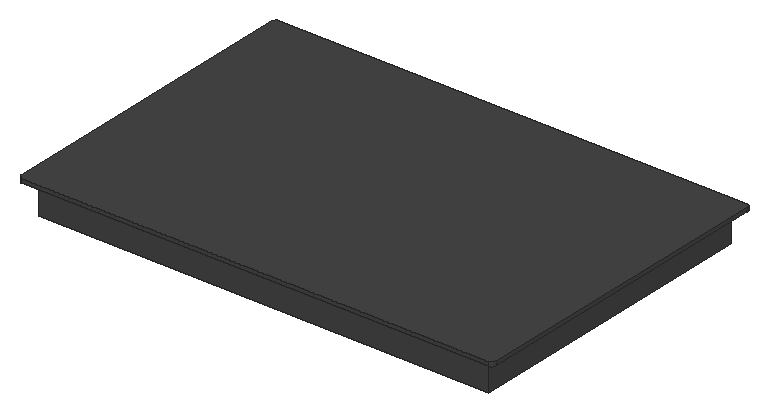
Revit family "Qf_Summit_SINC4B301B_30 inches 208-240V 4-Zone Induction Cooktop", category Specialty Equipment, Revit 2020 (continued)
Automatic sketch dimensions
  curve 93 to plane 7 "Center X" = 3 3/4"
  curve 93 to curve 92 = 2.88432"
  curve 92 to curve 94 = 0"  (x2)
  curve 95 to curve 92 = 0.05317"
  curve 92 to curve 96 = 0"  (x2)
  curve 96 to curve 95 = 0.13745"
  curve 92 to curve 98 = 0"  (x2)
  curve 99 to curve 96 = 0.05005"
  curve 100 to plane 7 "Center X" = 2.71819"
  curve 20 to curve 100 = 1.48902"
  plane 13 to curve 100 = 2.7475"
  curve 102 to curve 100 = 0"
  curve 103 to curve 100 = 0.03181"
  curve 100 to curve 103 = 0.06415"
  curve 102 to curve 104 = 0"  (x2)
  curve 104 to curve 100 = 0.19286"
  curve 102 to curve 106 = 0"  (x2)
  curve 106 to curve 104 = 0.05464"
  plane 11 to curve 109 = 13/16"
  curve 109 to plane 6 "Center Y" = 3 1/8"
  curve 108 to curve 108 = 3/8"
  curve 111 to curve 108 = 0.00107"
  curve 111 to curve 108 = 0.00024"
  curve 108 to curve 110 = 0.04356"
  curve 112 to curve 108 = 5/8"
  curve 113 to curve 108 = 0"
  curve 112 to curve 112 = 3/8"
  curve 115 to curve 112 = 0.00107"
  curve 115 to curve 112 = 0.00024"
  curve 112 to curve 115 = 0.04356"
  curve 108 to curve 116 = 0.24677"
  curve 108 to curve 117 = 0.99615"
  curve 116 to curve 116 = 3/8"
  curve 118 to curve 116 = 0.14472"
  curve 116 to curve 118 = 0.13661"
  curve 118 to curve 118 = 0.14044"
  curve 116 to curve 121 = 0.88324"
  curve 116 to curve 121 = 0.00397"
  curve 120 to curve 120 = 3/8"
  curve 123 to curve 120 = 0.14943"
  curve 123 to curve 120 = 0.15282"
  curve 123 to curve 122 = 0.14044"
  curve 122 to curve 127 = 0.03486"
  plane 6 "Center Y" to curve 125 = 1 1/2"
  plane 11 to curve 127 = 13/16"
  curve 126 to curve 127 = 0.11391"
  curve 125 to curve 124 = 45/128"
  curve 129 to curve 124 = 0.24499"
  curve 124 to curve 128 = 0.67981"
  curve 128 to curve 128 = 3/8"
  curve 128 to curve 131 = 0.14472"
  curve 128 to curve 131 = 0.13661"
  curve 128 to curve 130 = 0.00428"
  curve 128 to curve 133 = 7/8"
  curve 132 to curve 128 = 1/32"
  curve 132 to curve 132 = 3/8"
  curve 132 to curve 134 = 0.13052"
  curve 134 to curve 132 = 0.15693"
  curve 135 to curve 134 = 0.14044"
  curve 135 to curve 136 = 0.34902"
  plane 11 to curve 136 = 13/16"
  curve 136 to curve 136 = 3/8"
  curve 138 to curve 136 = 0.00107"
  curve 139 to curve 136 = 0.00024"
  curve 136 to curve 139 = 0.04356"
  curve 136 to curve 140 = 5/8"
  curve 136 to curve 140 = 0"
  curve 136 to curve 140 = 1/4"
  curve 140 to curve 142 = 0"  (x2)
  curve 140 to curve 143 = 0.16244"
  radius of Split face 1 sketch curve = 4 1/8"
  radius of Split face 2 sketch curve = 4 1/8"
  radius of Split face 3 sketch curve = 3 1/8"
  radius of Split face 4 sketch curve = 3 1/8"
  radius of Split face 8 sketch curve = 3.07495"
  radius of Split face 9 sketch curve = 2.88432"
  radius of Split face 10 sketch curve = 4.07036"
  radius of Split face 11 sketch curve = 3.8775"
  radius of Split face 12 sketch curve = 3.07495"
  radius of Split face 13 sketch curve = 2 15/16"
  radius of Split face 14 sketch curve = 2 15/16"
  radius of Split face 15 sketch curve = 2.88432"
  radius of Split face 16 sketch curve = 4.07036"
  radius of Split face 17 sketch curve = 3.81335"
  radius of Split face 18 sketch curve = 3.81335"
  radius of Split face 19 sketch curve = 3.8775"
  radius of Split face 20 sketch curve = 3/8"
  radius of Split face 21 sketch curve = 3/8"
  radius of Split face 22 sketch curve = 3/8"
  radius of Split face 23 sketch curve = 3/8"
  radius of Split face 24 sketch curve = 0.21256"
  radius of Split face 25 sketch curve = 0.34194"
  radius of Split face 26 sketch curve = 0.14044"
  radius of Split face 28 sketch curve = 0.13153"
  radius of Split face 29 sketch curve = 0.36076"
  radius of Split face 30 sketch curve = 0.14044"
  radius of Split face 31 sketch curve = 0.13153"
  radius of Split face 32 sketch curve = 0.36076"
  radius of Split face 33 sketch curve = 0.33037"
  radius of Split face 34 sketch curve = 0.36442"
  radius of Split face 35 sketch curve = 0.23196"
  radius of Split face 36 sketch curve = 0.36024"
  radius of Split face 37 sketch curve = 3/8"
  radius of Split face 38 sketch curve = 0.34194"
  radius of Split face 39 sketch curve = 0.33037"
  radius of Split face 40 sketch curve = 0.36442"
  radius of Split face 41 sketch curve = 3/8"
  radius of Split face 42 sketch curve = 0.34194"
  radius of Split face 43 sketch curve = 0.33037"
  radius of Split face 44 sketch curve = 0.36442"
  radius of Extrusion 3 sketch curve = 1/4"
  radius of Split face 45 sketch curve = 3/8"
  radius of Split face 46 sketch curve = 0.14044"
  radius of Split face 47 sketch curve = 0.13153"
  radius of Split face 48 sketch curve = 0.36076"
  radius of Split face 49 sketch curve = 3/8"
  radius of Split face 50 sketch curve = 0.14044"
  radius of Split face 51 sketch curve = 0.13153"
  radius of Split face 52 sketch curve = 0.36076"
Connectors (in)
  electrical at (15.125, -0.75, 0.94088), driven by "Volts", driven by "Apparent Power"
    settings: on cut or joined group of Extrusion 2, Extrusion 3, index 1, voltage 240 V, apparent load 0 VA, apparent load phase1 828 VA, apparent load phase2 0 VA, apparent load phase3 0 VA, power factor 1, load classification "Other", number of poles 1, system type 31, power factor state 1, is connector primary yes, connector utility no, sub classification motor no, connector description "Electrical Inlet"
